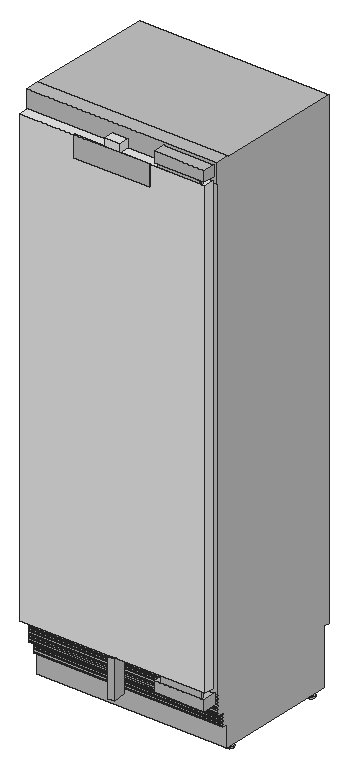
Revit family "FP_Revit_18_RS3084FRJ1_Freezer_90001073A", category Specialty Equipment, Revit 2018
Family settings
  Round Connector Dimension = Use Diameter
  Part Type = Normal
  OmniClass Number = 23.40.40.11.11
  OmniClass Title = Refrigerators and Freezers
  Work Plane-Based = No
  Always vertical = Yes
  Cut with Voids When Loaded = Yes
  Shared = No
  Room Calculation Point = No
Parameters (values of type "RS3084FRJK1")
  Visibility - Water Connection = yes
  Visibility - Visibility Control Note = yes
  Visibility - Clearance Required = yes
  URL = "www.fisherpaykel.com"
  Stainless Steel Door Panels (RD3484R4D) = no
  Product - Width = 756 mm  # constant formula
  Product - Height = 2134 mm  # constant formula
  Product - Depth (exl front panel) = 610 mm  # constant formula
  Model = "RS3084FRJK1"
  Material - Handle = Fisher & Paykel - Aluminium
  Material - Door Structure = Fisher & Paykel - White
  Material - Door Front = Fisher & Paykel - Stainless Steel
  Material - Body = Fisher & Paykel - Grey
  Manufacturer = "Fisher & Paykel Appliances"
  Handle Style - Professional Square (AHV2-RD84) = no
  Handle Style - Professional Round (AHC-RD84) = no
  Handle Style - Contemporary Square (AHD3-RD84) = no
  Handle Style - Contemporary Round (AHS-RD84) = no
  Description = "30\" Integrated Column Freezer with internal ice maker, stainless steel interior"
  Connector Description - Water = "1/4\" (6mm) comp. stainless steel braided hose"
  Connector Description - Electrical = "120 V, 10 amp fused electrical supply"
  Cavity - Width = 762 mm  # constant formula
  Cavity - Height = 2134 mm  # constant formula
  Cavity - Depth = 635 mm  # constant formula
Types (3, lengths in mm): name | Model | Description
  (no name) | "RS3084FRJK1" | "30\" Integrated Column Freezer with internal ice maker, stainless steel interior"
  RS3084FRJK1 | "RS3084FRJK1" | "30\" Integrated Column Freezer with internal ice maker, stainless steel interior"
  RS3084FRJ1 | "RS3084FRJ1" | "30\" Integrated Column Freezer  with internal ice maker, white interior"
Reference planes
  plane 1 "Datum": y = 0
  plane 2: z = 0
  plane 3 "Center (Left/Right)": x = 0
  plane 4 "Product LHS": x = -378
  plane 5 "Product RHS": x = 378
  plane 6 "Product - Depth": y = 610
  plane 7 "Cavity LHS": x = -381
  plane 8 "Cavity RHS": x = 381
  plane 9 "Cavity - Depth": y = 612.9
  plane 10 "Handle Offset": x = -315
  plane 11 "Product Height": z = 2134
  plane 12 "Cavity Height": z = 2134
  plane 13 "Door Panel Datum": y = -4.1
Forms (mm)
  Extrusion 1, solid, material "Fisher & Paykel - Grey" <- "Material - Body", detail levels fine
    sketch origin (0, 0, 0) x (0, 1, 0) y (0, 0, 1)
      loop
        line (100.1, 19.1) -> (587.9, 19.1) -> (587.9, 239.7) -> (610, 239.7) -> (610, 2131.9) -> (105.1, 2131.9) -> (105.1, 2134) -> (49.9, 2134) -> (49.9, 2059) -> (56, 2059) -> (56, 228.6) -> (59.5, 228.6) -> (59.5, 219.7) -> (56.5, 219.7) -> (56.5, 215.9) -> (59.5, 215.9) -> (59.5, 207) -> (56.5, 207) -> (56.5, 203.2) -> (59.5, 203.2) -> (59.5, 194.3) -> (56.5, 194.3) -> (56.5, 190.5) -> (59.5, 190.5) -> (59.5, 181.6) -> (56.5, 181.6) -> (56.5, 177.8) -> (59.5, 177.8) -> (59.5, 168.9) -> (56.5, 168.9) -> (56.5, 165.1) -> (59.5, 165.1) -> (59.5, 156.2) -> (56.5, 156.2) -> (56.5, 152.4) -> (84.1, 152.4) -> (84.1, 143.5) -> (81.1, 143.5) -> (81.1, 139.7) -> (84.1, 139.7) -> (84.1, 130.8) -> (81.1, 130.8) -> (81.1, 127) -> (84.1, 127) -> (84.1, 118.1) -> (81.1, 118.1) -> (81.1, 114.3) -> (84.1, 114.3) -> (84.1, 105.4) -> (81.1, 105.4) -> (81.1, 101.6) -> (100.1, 101.6) -> (100.1, 19.1)
    from -378 to 378
  Extrusion 2, solid, material "Fisher & Paykel - Grey" <- "Material - Body"
    sketch origin (0, 0, 0) x (1, 0, 0) y (0, 1, 0)
      loop
        circle (-357.5, 547.8) r 4.1
      loop
        circle (-357.5, 141.8) r 4.1
      loop
        circle (357.5, 547.8) r 4.1
      loop
        circle (357.5, 141.8) r 4.1
    from 3 to 19.1
  Extrusion 3, solid, material "Fisher & Paykel - Grey" <- "Material - Body"
    sketch origin (0, 0, 0) x (1, 0, 0) y (0, 1, 0)
      loop
        circle (-357.5, 547.8) r 14.5
      loop
        circle (-357.5, 141.8) r 14.555
      loop
        circle (357.5, 547.8) r 14.5
      loop
        circle (357.5, 141.8) r 14.555
    from 0 to 3
  Extrusion 4, solid, material "Fisher & Paykel - Grey" <- "Material - Body", detail levels fine
    sketch origin (0, 0, 0) x (1, 0, 0) y (0, 1, 0)
      loop
        line (-7.5, 49) -> (-13.797, -4.1) -> (13.797, -4.1) -> (7.5, 49) -> (-7.5, 49)
    from 104.2 to 254.2
  Extrusion 5, solid, material "Fisher & Paykel - Grey" <- "Material - Body", detail levels fine
    sketch origin (0, 0, 0) x (0, 1, 0) y (0, 0, 1)
      loop
        line (0, 2070.6) -> (0, 1988.6) -> (2, 1988.6) -> (2, 2068.6) -> (4, 2068.6) -> (4, 2070.6) -> (0, 2070.6)
    from -150 to 150
  Extrusion 6, solid, material "Fisher & Paykel - Grey" <- "Material - Body"
    sketch origin (0, 0, 0) x (1, 0, 0) y (0, 0, 1)
      loop
        circle (303, 119.813) r 5
      loop
        circle (-303, 119.813) r 5
    from -590 to -587.9
  Extrusion 7, solid, material "Fisher & Paykel - White" <- "Material - Door Structure"
    sketch origin (0, 0, 0) x (1, 0, 0) y (0, 1, 0)
      loop
        line (-353, 56) -> (-353, 42) -> (353, 42) -> (353, 56) -> (-353, 56)
    from 269.6 to 2030.7
  Extrusion 8, solid, material "Fisher & Paykel - White" <- "Material - Door Structure"
    sketch origin (0, 0, 0) x (1, 0, 0) y (0, 1, 0)
      loop
        line (-369.4, 42) -> (-369.4, 3) -> (369.4, 3) -> (369.4, 42) -> (-369.4, 42)
    from 254.2 to 2068.6
  Extrusion 9, solid, material "Fisher & Paykel - White" <- "Material - Door Structure", detail levels fine
    sketch origin (0, 0, 0) x (1, 0, 0) y (0, 0, 1)
      loop
        line (-29.5, 2100.1) -> (-29.5, 2068.6) -> (29.5, 2068.6) -> (29.5, 2100.1) -> (-29.5, 2100.1)
    from -42 to -3
  Extrusion 10, solid, material "Fisher & Paykel - Stainless Steel" <- "Material - Door Front", visible <- "Stainless Steel Door Panels (RD3484R4D)"
    sketch origin (0, 0, 0) x (0, 1, 0) y (0, 0, 1)
      loop
        line (-22.1, 2130.8) -> (-22.1, 102) -> (-4.1, 102) -> (-4.1, 2130.8) -> (-22.1, 2130.8)
    from -378 to 378
  Extrusion 11, solid, material "Fisher & Paykel - Grey" <- "Material - Body", detail levels coarse+medium
    sketch origin (0, 0, 0) x (0, 1, 0) y (0, 0, 1)
      loop
        line (49.9, 2134) -> (49.9, 2059) -> (56, 2059) -> (56, 152.4) -> (81.1, 152.4) -> (81.1, 101.6) -> (100.1, 101.6) -> (100.1, 19.1) -> (587.9, 19.1) -> (587.9, 239.7) -> (610, 239.7) -> (610, 2134) -> (49.9, 2134)
    from -378 to 378
  Extrusion 12, solid, material "Fisher & Paykel - Grey" <- "Material - Body", detail levels fine
    sketch origin (0, 0, -4) x (0, 1, 0) y (0, 0, 1)
      loop
        arc (163.888, 23.1) -> (180.4, 13.63) -> (196.912, 23.1) r 19.13
        line (196.912, 23.1) -> (163.888, 23.1)
      loop
        arc (493.888, 23.1) -> (510.4, 13.63) -> (526.912, 23.1) r 19.13
        line (526.912, 23.1) -> (493.888, 23.1)
    from 191 to 219
  Extrusion 13, solid, material "Fisher & Paykel - Grey" <- "Material - Body", detail levels fine
    sketch origin (0, 0, -4) x (0, 1, 0) y (0, 0, -1)
      loop
        line (163.888, -23.1) -> (196.912, -23.1)
        arc (196.912, -23.1) -> (180.4, -13.63) -> (163.888, -23.1) r 19.13
      loop
        line (493.888, -23.1) -> (526.912, -23.1)
        arc (526.912, -23.1) -> (510.4, -13.63) -> (493.888, -23.1) r 19.13
    from 191 to 219
  Extrusion 14, solid, material "Fisher & Paykel - Clearance Required", visible <- "Visibility - Clearance Required", detail levels coarse
    sketch origin (0, 0, 0) x (1, 0, 0) y (0, 1, 0)
      loop
        line (-381, 612.9) -> (-381, -4.1) -> (381, -4.1) -> (381, 612.9) -> (-381, 612.9)
    from 0 to 2134
  Extrusion 15, void
    sketch origin (0, 0, 0) x (1, 0, 0) y (0, 1, 0)
      loop
        line (-381, 612.9) -> (-381, -22.1) -> (381, -22.1) -> (381, 612.9) -> (-381, 612.9)
    from 0 to 2134
  Extrusion 16, solid, material "Fisher & Paykel - Grey" <- "Material - Body", detail levels fine
    sketch origin (73, 0, 0) x (1, 0, 0) y (0, 0, 1)
      loop
        line (118.4, 254.2) -> (118.4, 229.75) -> (282.9, 229.75) -> (282.9, 254.2) -> (118.4, 254.2)
      loop
        line (106, 2081.05) -> (106, 2068.6) -> (282.9, 2068.6) -> (282.9, 2076.05) -> (242.9, 2081.05) -> (106, 2081.05)
    from -7 to -4
  Extrusion 17, solid, material "Fisher & Paykel - Clearance Required", visible <- "Visibility - Clearance Required", detail levels coarse
    sketch origin (0, 0, 0) x (1, 0, 0) y (0, 1, 0)
      loop
        line (-328.5, -22.1) -> (-378, -22.1)
        arc (-378, -22.1) -> (-22.015, -691.951) -> (734.604, -746.289) r 783.517
        line (734.604, -746.289) -> (712.602, -698.95) -> (738.875, -686.699)
        arc (738.875, -686.699) -> (747.815, -662.136) -> (723.252, -653.196) r 18.483
        line (723.252, -653.196) -> (697.006, -665.395) -> (415.915, -60.616)
        arc (415.915, -60.616) -> (380.992, -57.074) -> (378, -22.1) r 27.5
        line (378, -22.1) -> (-328.5, -22.1)
    from 0 to 2134
  Extrusion 18, solid, material "Fisher & Paykel - Grey" <- "Material - Body", detail levels fine
    sketch origin (0, 0, 0) x (1, 0, 0) y (0, 0, 1)
      loop
        line (366.4, 2123.15) -> (168.42, 2123.15) -> (168.42, 2081.05) -> (366.4, 2081.05) -> (366.4, 2123.15)
    from -49 to -2.5
  Extrusion 19, solid, material "Fisher & Paykel - Grey" <- "Material - Body", detail levels fine
    sketch origin (0, 0, 0) x (1, 0, 0) y (0, 0, 1)
      loop
        line (366.4, 187.65) -> (366.4, 229.75) -> (168.42, 229.75) -> (168.42, 187.65) -> (366.4, 187.65)
    from -56 to -2.5
Lines and regions (mm)
  model lines, style "Fisher & Paykel"
    curve 1: line (-378, -4.1, 2130.8) -> (378, -4.1, 2130.8)
    curve 2: line (-378, -4.1, 102) -> (-378, -4.1, 2130.8)
    curve 3: line (378, -4.1, 102) -> (-378, -4.1, 102)
    curve 4: line (378, -4.1, 2130.8) -> (378, -4.1, 102)
Text (mm)
  text "Due to ongoing product development, product details are subject to change without notice. \nPlease always refer to www.fisherpaykel.com for the most current product information. \n© Fisher & Paykel 2020" at (41.04, -848.295, 0), in view "Ref. Level (Plan)"
Dimensions and locks
  equal spacing: plane 4 "Product LHS", plane 3 "Center (Left/Right)", plane 5 "Product RHS"
  "Product - Width": plane 4 "Product LHS" to plane 5 "Product RHS"
  "Product - Depth (exl front panel)": plane 1 "Datum" to plane 6 "Product - Depth"
  equal spacing: plane 7 "Cavity LHS", plane 3 "Center (Left/Right)", plane 8 "Cavity RHS"
  "Cavity - Width": plane 7 "Cavity LHS" to plane 8 "Cavity RHS"
  plane 4 "Product LHS" to Extrusion 2 sketch curve = 24.6 mm
  plane 4 "Product LHS" to plane 10 "Handle Offset" = 63 mm
  Extrusion 6 sketch curve to Extrusion 1 = 119.887 mm  (x2)
  Extrusion 6 sketch curve to plane 5 "Product RHS" = 75 mm
  plane 4 "Product LHS" to Extrusion 6 sketch curve = 75 mm
  Extrusion 1 sketch curve to Extrusion 1 sketch curve = 82.5 mm
  Extrusion 1 sketch curve to Extrusion 1 sketch curve = 209.5 mm
  Extrusion 1 sketch curve to Extrusion 1 sketch curve = 220.6 mm
  Extrusion 3 to level = 3 mm
  Extrusion 11 to Extrusion 8 = 235.1 mm
  Extrusion 11 to Extrusion 7 = 250.5 mm
  Extrusion 11 to Extrusion 11 = 2114.9 mm
  Extrusion 11 to Extrusion 10 = 82.9 mm
  "Product - Height": level to plane 11 "Product Height"
  plane 11 "Product Height" to Extrusion 10 = 3.2 mm
  Extrusion 8 to plane 11 "Product Height" = 65.4 mm
  Extrusion 7 to plane 11 "Product Height" = 103.3 mm
  Extrusion 11 sketch curve to plane 11 "Product Height" = 75 mm
  Extrusion 1 sketch curve to plane 11 "Product Height" = 2.1 mm
  Extrusion 1 sketch curve to plane 11 "Product Height" = 75 mm
  "Cavity - Height": plane 12 "Cavity Height" to level
  plane 1 "Datum" to Extrusion 14 = 612.9 mm
  plane 1 "Datum" to Extrusion 15 = 612.9 mm
  Extrusion 16 sketch curve to Extrusion 16 sketch curve = 40 mm
  Extrusion 16 sketch curve to plane 3 "Center (Left/Right)" = 179 mm
  Extrusion 16 sketch curve to Extrusion 16 sketch curve = 176.9 mm
  Extrusion 16 sketch curve to plane 3 "Center (Left/Right)" = 191.4 mm
  plane 3 "Center (Left/Right)" to Extrusion 16 sketch curve = 355.9 mm
  Extrusion 17 to plane 1 "Datum" = 22.1 mm
  "Cavity - Depth": plane 9 "Cavity - Depth" to Extrusion 17
  radius of Extrusion 6 sketch curve = 5 mm
  aligned and locked: level to plane 2
  aligned and locked: Extrusion 10 to plane 5 "Product RHS"
  aligned and locked: plane 4 "Product LHS" to Extrusion 10
  aligned and locked: Extrusion 11 to plane 5 "Product RHS"
  aligned and locked: Extrusion 11 to plane 4 "Product LHS"
  aligned and locked: Extrusion 11 sketch curve to plane 11 "Product Height"
  aligned and locked: plane 11 "Product Height" to Extrusion 1 sketch curve
  aligned and locked: Extrusion 12 sketch curve to Extrusion 12 sketch curve
  aligned and locked: Extrusion 13 sketch curve to Extrusion 13 sketch curve
  aligned and locked: Extrusion 1 to plane 5 "Product RHS"
  aligned and locked: plane 4 "Product LHS" to Extrusion 1
  aligned and locked: Extrusion 11 sketch curve to Extrusion 1  (x4)
  aligned and locked: Extrusion 2 to Extrusion 1
  aligned and locked: nested 2 to plane 10 "Handle Offset"
  aligned and locked: nested 3 to plane 10 "Handle Offset"
  aligned and locked: nested 4 to plane 10 "Handle Offset"
  aligned and locked: nested 5 to plane 10 "Handle Offset"
Automatic sketch dimensions
  Extrusion 1 sketch curve to plane 6 "Product - Depth" = 0 mm
  Extrusion 1 sketch curve to Extrusion 1 sketch curve = 22.1 mm
  Extrusion 1 sketch curve to plane 1 "Datum" = 105.1 mm
  level to Extrusion 1 sketch curve = 19.1 mm
  Extrusion 1 sketch curve to plane 1 "Datum" = 100.1 mm
  Extrusion 1 sketch curve to Extrusion 1 sketch curve = 16 mm
  Extrusion 1 sketch curve to Extrusion 1 sketch curve = 0 mm  (x8)
  Extrusion 1 sketch curve to Extrusion 1 sketch curve = 3 mm  (x10)
  Extrusion 1 sketch curve to plane 1 "Datum" = 59.5 mm
  Extrusion 1 sketch curve to plane 1 "Datum" = 56 mm
  Extrusion 1 sketch curve to plane 1 "Datum" = 49.9 mm
  Extrusion 1 sketch curve to Extrusion 1 sketch curve = 3.8 mm  (x10)
  Extrusion 1 sketch curve to Extrusion 1 sketch curve = 8.9 mm  (x9)
  Extrusion 2 sketch curve to plane 4 "Product LHS" = 20.5 mm  (x2)
  plane 5 "Product RHS" to Extrusion 2 sketch curve = 20.5 mm  (x2)
  Extrusion 2 sketch curve to plane 1 "Datum" = 141.8 mm  (x2)
  Extrusion 2 sketch curve to plane 6 "Product - Depth" = 62.2 mm  (x2)
  Extrusion 3 sketch curve to plane 4 "Product LHS" = 20.5 mm  (x2)
  plane 5 "Product RHS" to Extrusion 3 sketch curve = 20.5 mm  (x2)
  Extrusion 3 sketch curve to plane 1 "Datum" = 141.8 mm  (x2)
  Extrusion 3 sketch curve to plane 6 "Product - Depth" = 62.2 mm  (x2)
  plane 1 "Datum" to Extrusion 4 sketch curve = 4.1 mm
  Extrusion 4 sketch curve to plane 3 "Center (Left/Right)" = 13.797 mm
  Extrusion 4 sketch curve to plane 3 "Center (Left/Right)" = 7.5 mm
  plane 3 "Center (Left/Right)" to Extrusion 4 sketch curve = 7.5 mm
  plane 3 "Center (Left/Right)" to Extrusion 4 sketch curve = 13.797 mm
  Extrusion 4 sketch curve to plane 1 "Datum" = 49 mm
  Extrusion 5 sketch curve to plane 1 "Datum" = 0 mm
  Extrusion 5 sketch curve to plane 1 "Datum" = 2 mm
  Extrusion 5 sketch curve to Extrusion 5 sketch curve = 2 mm  (x2)
  plane 11 "Product Height" to Extrusion 5 sketch curve = 145.4 mm
  plane 11 "Product Height" to Extrusion 5 sketch curve = 65.4 mm
  Extrusion 7 sketch curve to plane 4 "Product LHS" = 25 mm
  plane 5 "Product RHS" to Extrusion 7 sketch curve = 25 mm
  Extrusion 7 sketch curve to plane 1 "Datum" = 42 mm
  Extrusion 7 sketch curve to Extrusion 7 sketch curve = 14 mm
  Extrusion 8 sketch curve to plane 1 "Datum" = 3 mm
  Extrusion 8 sketch curve to plane 4 "Product LHS" = 8.6 mm
  plane 5 "Product RHS" to Extrusion 8 sketch curve = 8.6 mm
  Extrusion 8 sketch curve to Extrusion 8 sketch curve = 39 mm
  Extrusion 9 sketch curve to plane 3 "Center (Left/Right)" = 29.5 mm
  plane 3 "Center (Left/Right)" to Extrusion 9 sketch curve = 29.5 mm
  plane 11 "Product Height" to Extrusion 9 sketch curve = 65.4 mm
  Extrusion 9 sketch curve to Extrusion 9 sketch curve = 31.5 mm
  plane 1 "Datum" to Extrusion 10 sketch curve = 22.1 mm
  plane 1 "Datum" to Extrusion 10 sketch curve = 4.1 mm
  level to Extrusion 10 sketch curve = 102 mm
  plane 11 "Product Height" to Extrusion 10 sketch curve = 3.2 mm
  Extrusion 11 sketch curve to plane 6 "Product - Depth" = 0 mm
  Extrusion 11 sketch curve to plane 6 "Product - Depth" = 22.1 mm
  Extrusion 11 sketch curve to plane 1 "Datum" = 100.1 mm
  Extrusion 11 sketch curve to Extrusion 11 sketch curve = 19 mm
  Extrusion 11 sketch curve to plane 1 "Datum" = 56 mm
  Extrusion 11 sketch curve to plane 1 "Datum" = 49.9 mm
  Extrusion 11 sketch curve to Extrusion 11 sketch curve = 50.8 mm
  level to Extrusion 12 sketch curve = 19.1 mm
  Extrusion 12 sketch curve to plane 1 "Datum" = 163.888 mm
  Extrusion 12 sketch curve to Extrusion 12 sketch curve = 16.512 mm  (x2)
  Extrusion 12 sketch curve to plane 6 "Product - Depth" = 116.112 mm
  Extrusion 12 sketch curve to Extrusion 12 sketch curve = 9.66 mm  (x2)
  level to Extrusion 13 sketch curve = 19.1 mm
  Extrusion 13 sketch curve to plane 1 "Datum" = 163.888 mm
  Extrusion 13 sketch curve to Extrusion 13 sketch curve = 16.512 mm  (x2)
  Extrusion 13 sketch curve to plane 6 "Product - Depth" = 116.112 mm
  Extrusion 13 sketch curve to Extrusion 13 sketch curve = 9.66 mm  (x2)
  Extrusion 14 sketch curve to plane 7 "Cavity LHS" = 0 mm
  Extrusion 14 sketch curve to plane 8 "Cavity RHS" = 0 mm
  Extrusion 14 sketch curve to plane 9 "Cavity - Depth" = 0 mm
  plane 1 "Datum" to Extrusion 14 sketch curve = 4.1 mm
  Extrusion 15 sketch curve to plane 7 "Cavity LHS" = 0 mm
  Extrusion 15 sketch curve to plane 8 "Cavity RHS" = 0 mm
  Extrusion 15 sketch curve to plane 9 "Cavity - Depth" = 0 mm
  plane 1 "Datum" to Extrusion 15 sketch curve = 22.1 mm
  level to Extrusion 16 sketch curve = 229.75 mm
  Extrusion 16 sketch curve to Extrusion 16 sketch curve = 24.45 mm
  plane 11 "Product Height" to Extrusion 16 sketch curve = 65.4 mm
  Extrusion 16 sketch curve to Extrusion 16 sketch curve = 7.45 mm
  Extrusion 16 sketch curve to Extrusion 16 sketch curve = 5 mm
  Extrusion 17 sketch curve to plane 4 "Product LHS" = 0 mm
  plane 10 "Handle Offset" to Extrusion 17 sketch curve = 13.5 mm
  plane 5 "Product RHS" to Extrusion 17 sketch curve = 0 mm
  Extrusion 17 sketch curve to plane 8 "Cavity RHS" = 19.59 mm
  Extrusion 17 sketch curve to Extrusion 17 sketch curve = 4.816 mm
  Extrusion 17 sketch curve to Extrusion 17 sketch curve = 10.509 mm
  Extrusion 17 sketch curve to plane 8 "Cavity RHS" = 316.006 mm
  Extrusion 17 sketch curve to Extrusion 17 sketch curve = 15.596 mm
  Extrusion 17 sketch curve to Extrusion 17 sketch curve = 26.246 mm
  Extrusion 17 sketch curve to Extrusion 17 sketch curve = 7.811 mm  (x2)
  Extrusion 17 sketch curve to Extrusion 17 sketch curve = 22.003 mm
  plane 1 "Datum" to Extrusion 17 sketch curve = 746.289 mm
  Extrusion 17 sketch curve to Extrusion 17 sketch curve = 47.339 mm
  Extrusion 17 sketch curve to Extrusion 17 sketch curve = 12.251 mm
  Extrusion 17 sketch curve to Extrusion 17 sketch curve = 16.751 mm
  Extrusion 17 sketch curve to Extrusion 17 sketch curve = 12.199 mm
  Extrusion 17 sketch curve to Extrusion 17 sketch curve = 22.833 mm
  plane 11 "Product Height" to Extrusion 18 sketch curve = 10.85 mm
  plane 3 "Center (Left/Right)" to Extrusion 18 sketch curve = 168.42 mm
  plane 5 "Product RHS" to Extrusion 18 sketch curve = 11.6 mm
  Extrusion 18 sketch curve to Extrusion 18 sketch curve = 42.1 mm
  plane 3 "Center (Left/Right)" to Extrusion 19 sketch curve = 168.42 mm
  plane 5 "Product RHS" to Extrusion 19 sketch curve = 11.6 mm
  level to Extrusion 19 sketch curve = 187.65 mm
  Extrusion 19 sketch curve to Extrusion 19 sketch curve = 42.1 mm
  plane 5 "Product RHS" to curve 1 = 0 mm
  plane 4 "Product LHS" to curve 3 = 0 mm
  level to curve 3 = 102 mm
  plane 11 "Product Height" to curve 2 = 3.2 mm
  radius of Extrusion 2 sketch curve = 4.1 mm  (x3)
  radius of Extrusion 3 sketch curve = 14.5 mm  (x2)
  radius of Extrusion 3 sketch curve = 14.555 mm  (x2)
  radius of Extrusion 6 sketch curve = 5 mm
Nested families
  nested 1: "Visibility Control Note 18" at (0, 0, 0), visible <- "Visibility - Visibility Control Note", type "Visibility Control Note 18"
  nested 2: "Handle Contemporary Round - Vertical" at (-315, -22.1, 1242.58), visible <- "Handle Style - Contemporary Round (AHS-RD84)", type "AHS-RD84 - Contemporary round handle (Vertical) 852mm"
  nested 3: "Handle Contemporary Square - Vertical" at (-315, -22.1, 1242.58), visible <- "Handle Style - Contemporary Square (AHD3-RD84)", type "AHD3-RD84 - Contemporary square handle (Vertical) 852mm"
  nested 4: "Handle Professional Round - Vertical" at (-315, -22.1, 1242.58), visible <- "Handle Style - Professional Round (AHC-RD84)", type "AHC-RD84 - Professional round handle (Vertical) 786mm"
  nested 5: "Handle Professional Square - Vertical" at (-315, -22.1, 1242.58), visible <- "Handle Style - Professional Square (AHV2-RD84)", type "AHV2-RD84 - Professional square handle (Vertical) 792mm"
Connectors
  electrical at (-303, 590, 119.813), driven by "Connector Description - Electrical"
    settings: on Extrusion 6, index 1, voltage 120 V, apparent load 0 VA, apparent load phase1 0 VA, apparent load phase2 0 VA, apparent load phase3 0 VA, power factor 1, load classification "Other", number of poles 1, system type 30, power factor state 1, is connector primary yes, connector utility no, sub classification motor no, connector description "120 V, 10 amp fused electrical supply"
  piping at (303, 590, 119.813), diameter 12.7, driven by "Visibility - Water Connection", driven by "Connector Description - Water"
    settings: on Extrusion 6, index 2, connector inside diameter 609.6 mm, connector length 0 mm, flow factor 0, pipe flow 0.0 L/s, pressure drop 0.0 Pa, fitting loss kfactor 0, connector angle 0.00°, fixture units 0, engagement length 0 mm, angle of deflection 0.00°, flow configuration 0, flow direction 1, fitting loss method 0, system type 20, joint type 0, gender type 0, connector reference index -1, connector utility 1, adjustable connector no, is connector primary yes, connector description "1/4\" (6mm) comp. stainless steel braided hose"
Definition of nested family "Handle Contemporary Round - Vertical"
  Parameters (values of type "AHSRS80A - Contemporary round handle (1 of 2) (Vertical) 727mm")
    URL = "www.fisherpaykel.com"
    Material - Handle = none
    Manufacturer = "Fisher & Paykel Appliances"
    Handle - Length = 727 mm
  Types (6, lengths in mm): name | Handle - Length
    AHS-RD21 - Contemporary round handle (Vertical) 852mm | 852
    AHSRD2484W - Contemporary round handle (1 of 2) (Vertical) 727mm | 727
    AHSRD3084W - Contemporary round handle (1 of 2) (Vertical) 727mm | 727
    AHS-RD84 - Contemporary round handle (Vertical) 852mm | 852
    AHSRS3272A - Contemporary round handle (1 of 2) (Vertical) 727mm | 727
    AHSRS80A - Contemporary round handle (1 of 2) (Vertical) 727mm | 727
  Reference planes
    plane 1 "Center (Front/Back)": y = 0
    plane 2: z = 0
    plane 3 "Center (Left/Right)": x = 0
    plane 4 "Top": z = 363.5
    plane 5 "Bottom": z = -363.5
    plane 6 "Top Standoff": z = 243.5
    plane 7 "Bottom Standoff": z = -243.5
  Forms (mm)
    Extrusion 1, solid, material <- "Material - Handle"
      sketch origin (0, 0, 0) x (1, 0, 0) y (0, 1, 0)
        loop
          circle (0, -32.3) r 8.7
      from -243.5 to 243.5
    Extrusion 2, solid, material <- "Material - Handle", detail levels fine
      sketch origin (0, 0, 0) x (1, 0, 0) y (0, 1, 0)
        loop
          line (-8.7, 0) -> (-8.7, -32.3)
          arc (-8.7, -32.3) -> (0, -41) -> (8.7, -32.3) r 8.7
          line (8.7, -32.3) -> (8.7, 0) -> (-8.7, 0)
      from 243.5 to 363.5
    Extrusion 3, solid, material <- "Material - Handle", detail levels fine
      sketch origin (0, 0, 0) x (1, 0, 0) y (0, 1, 0)
        loop
          line (-8.7, 0) -> (-8.7, -32.3)
          arc (-8.7, -32.3) -> (0, -41) -> (8.7, -32.3) r 8.7
          line (8.7, -32.3) -> (8.7, 0) -> (-8.7, 0)
      from -363.5 to -243.5
    Sweep 4, void
      path in 3D
        loop
          line (8.7, 0, -363.5) -> (8.7, -32.3, -363.5)
          arc (8.7, -32.3, -363.5) -> (0, -41, -363.5) -> (-8.7, -32.3, -363.5) r 8.7
          line (-8.7, -32.3, -363.5) -> (-8.7, 0, -363.5)
      profile origin (8.7, -16.15, -363.5) x (-1, 0, 0) y (0, 0, -1)
        loop
          line (0, 0) -> (0, -1) -> (1, 0) -> (0, 0)
    Sweep 5, void
      path in 3D
        loop
          line (-8.7, 0, 363.5) -> (-8.7, -32.3, 363.5)
          arc (-8.7, -32.3, 363.5) -> (0, -41, 363.5) -> (8.7, -32.3, 363.5) r 8.7
          line (8.7, -32.3, 363.5) -> (8.7, 0, 363.5)
      profile origin (8.7, -16.15, 363.5) x (-1, 0, 0) y (0, 0, 1)
        loop
          line (0, 0) -> (0, -1) -> (1, 0) -> (0, 0)
    Extrusion 6, solid, material <- "Material - Handle", detail levels coarse+medium
      sketch origin (0, 0, 0) x (1, 0, 0) y (0, 1, 0)
        loop
          line (-8.7, 0) -> (-8.7, -32.3)
          arc (-8.7, -32.3) -> (0, -41) -> (8.7, -32.3) r 8.7
          line (8.7, -32.3) -> (8.7, 0) -> (-8.7, 0)
      from 243.5 to 363.5
    Extrusion 7, solid, material <- "Material - Handle", detail levels coarse+medium
      sketch origin (0, 0, 0) x (1, 0, 0) y (0, 1, 0)
        loop
          line (-8.7, 0) -> (-8.7, -32.3)
          arc (-8.7, -32.3) -> (0, -41) -> (8.7, -32.3) r 8.7
          line (8.7, -32.3) -> (8.7, 0) -> (-8.7, 0)
      from -363.5 to -243.5
  Cuts and joins
    Sweep 4 cuts Extrusion 3
    Sweep 5 cuts Extrusion 2
  Lines and regions (mm)
    sketch lines
      curve 1: line (8.7, 0, -363.5) -> (8.7, -32.3, -363.5)
      curve 2: arc (-8.7, -32.3, -363.5) -> (0, -41, -363.5) -> (8.7, -32.3, -363.5) r 8.7
      curve 3: line (-8.7, -32.3, -363.5) -> (-8.7, 0, -363.5)
      curve 4: line (8.7, -32.3, 363.5) -> (8.7, 0, 363.5)
      curve 5: arc (8.7, -32.3, 363.5) -> (0, -41, 363.5) -> (-8.7, -32.3, 363.5) r 8.7
      curve 6: line (-8.7, 0, 363.5) -> (-8.7, -32.3, 363.5)
  Dimensions and locks
    equal spacing: plane 4 "Top", level, plane 5 "Bottom"
    "Handle - Length": plane 4 "Top" to plane 5 "Bottom"
    locked: plane 4 "Top" to plane 6 "Top Standoff" at 120
    locked: plane 7 "Bottom Standoff" to plane 5 "Bottom" at 120
    Extrusion 2 sketch curve to Extrusion 2 sketch curve = 17.4 mm
    Extrusion 3 sketch curve to Extrusion 3 sketch curve = 17.4 mm
    Extrusion 6 sketch curve to Extrusion 6 sketch curve = 17.4 mm
    Extrusion 7 sketch curve to Extrusion 7 sketch curve = 17.4 mm
    aligned and locked: level to plane 2
    aligned and locked: plane 4 "Top" to Extrusion 2
    aligned and locked: Extrusion 3 to plane 5 "Bottom"
    aligned and locked: plane 7 "Bottom Standoff" to Extrusion 3
    aligned and locked: Extrusion 1 to plane 7 "Bottom Standoff"
    aligned and locked: plane 6 "Top Standoff" to Extrusion 1
    aligned and locked: Extrusion 2 to Extrusion 1
    aligned and locked: Extrusion 6 to Extrusion 1
    aligned and locked: plane 4 "Top" to Extrusion 6
    aligned and locked: Extrusion 7 to Extrusion 1
    aligned and locked: Extrusion 7 to plane 5 "Bottom"
  Automatic sketch dimensions
    Extrusion 1 sketch curve to plane 3 "Center (Left/Right)" = 0 mm
    plane 1 "Center (Front/Back)" to Extrusion 1 sketch curve = 32.3 mm
    plane 1 "Center (Front/Back)" to Extrusion 2 sketch curve = 0 mm
    Extrusion 2 sketch curve to plane 3 "Center (Left/Right)" = 0 mm
    Extrusion 2 sketch curve to plane 3 "Center (Left/Right)" = 8.7 mm
    plane 1 "Center (Front/Back)" to Extrusion 2 sketch curve = 32.3 mm
    plane 1 "Center (Front/Back)" to Extrusion 3 sketch curve = 0 mm
    Extrusion 3 sketch curve to plane 3 "Center (Left/Right)" = 0 mm
    Extrusion 3 sketch curve to plane 3 "Center (Left/Right)" = 8.7 mm
    plane 1 "Center (Front/Back)" to Extrusion 3 sketch curve = 32.3 mm
    Sweep 4 sketch curve to profile plane = 0 mm  (x2)
    Sweep 4 sketch curve to profile plane = 1 mm  (x2)
    Sweep 5 sketch curve to profile plane = 0 mm  (x2)
    Sweep 5 sketch curve to profile plane = 1 mm  (x2)
    Extrusion 6 sketch curve to plane 3 "Center (Left/Right)" = 0 mm
    Extrusion 6 sketch curve to plane 3 "Center (Left/Right)" = 8.7 mm
    plane 1 "Center (Front/Back)" to Extrusion 6 sketch curve = 32.3 mm
    Extrusion 6 sketch curve to Extrusion 6 sketch curve = 32.3 mm
    Extrusion 7 sketch curve to plane 3 "Center (Left/Right)" = 0 mm
    Extrusion 7 sketch curve to plane 3 "Center (Left/Right)" = 8.7 mm
    plane 1 "Center (Front/Back)" to Extrusion 7 sketch curve = 32.3 mm
    Extrusion 7 sketch curve to Extrusion 7 sketch curve = 32.3 mm
    radius of Extrusion 1 sketch curve = 8.7 mm
Definition of nested family "Handle Contemporary Square - Vertical"
  Parameters (values of type "AHD3RS80A - Contemporary square handle (1 of 2) (Vertical) 727mm")
    URL = "www.fisherpaykel.com"
    Material - Handle = none
    Manufacturer = "Fisher & Paykel Appliances"
    Handle - Length = 727 mm
  Types (7, lengths in mm): name | Handle - Length
    (no name) | 727
    AHD3-RD21 - Contemporary square handle (Vertical) 852mm | 852
    AHD3RD2484W - Contemporary square handle (1 of 2) (Vertical) 727mm | 727
    AHD3RD3084W - Contemporary square handle (1 of 2) (Vertical) 727mm | 727
    AHD3-RD84 - Contemporary square handle (Vertical) 852mm | 852
    AHD3RS3272A - Contemporary square handle (1 of 2) (Vertical) 727mm | 727
    AHD3RS80A - Contemporary square handle (1 of 2) (Vertical) 727mm | 727
  Reference planes
    plane 1 "Center (Front/Back)": y = 0
    plane 2: z = 0
    plane 3 "Center (Left/Right)": x = 0
    plane 4 "Top": z = 363.5
    plane 5 "Bottom": z = -363.5
    plane 6 "Top Standoff": z = 243.5
    plane 7 "Bottom Standoff": z = -243.5
  Forms (mm)
    Extrusion 1, solid, material <- "Material - Handle", detail levels fine
      sketch origin (0, 0, 0) x (1, 0, 0) y (0, 1, 0)
        loop
          arc (-7.583, -28.701) -> (-7.89, -29.057) -> (-8, -29.514) r 1
          line (-8, -29.514) -> (-8, -40.5)
          arc (-8, -40.5) -> (-7.561, -41.561) -> (-6.5, -42) r 1.5
          line (-6.5, -42) -> (6.5, -42)
          arc (6.5, -42) -> (7.561, -41.561) -> (8, -40.5) r 1.5
          line (8, -40.5) -> (8, -29.487)
          arc (8, -29.487) -> (7.889, -29.029) -> (7.58, -28.673) r 1
          arc (7.58, -28.673) -> (-0.006, -26.256) -> (-7.583, -28.701) r 13.038
      from -363.5 to 363.5
    Extrusion 2, solid, material <- "Material - Handle", detail levels fine
      sketch origin (0, 0, 0) x (1, 0, 0) y (0, 1, 0)
        loop
          arc (7.058, -28.23) -> (7.466, -28.244) -> (7.674, -27.893) r 0.4
          line (7.674, -27.893) -> (7.674, 0) -> (-7.674, 0) -> (-7.674, -27.86)
          arc (-7.674, -27.86) -> (-7.467, -28.21) -> (-7.06, -28.198) r 0.4
          arc (-7.06, -28.198) -> (0.004, -26.156) -> (7.058, -28.23) r 13.136
      from 243.5 to 363.5
    Extrusion 3, solid, material <- "Material - Handle", detail levels fine
      sketch origin (0, 0, 0) x (1, 0, 0) y (0, 1, 0)
        loop
          arc (7.058, -28.23) -> (7.466, -28.244) -> (7.674, -27.893) r 0.4
          line (7.674, -27.893) -> (7.674, 0) -> (-7.674, 0) -> (-7.674, -27.86)
          arc (-7.674, -27.86) -> (-7.467, -28.21) -> (-7.06, -28.198) r 0.4
          arc (-7.06, -28.198) -> (0.004, -26.156) -> (7.058, -28.23) r 13.136
      from -363.5 to -243.5
    Sweep 4, void
      path in 3D
        loop
          line (-8, -29.514, 363.5) -> (-8, -40.5, 363.5)
          arc (-8, -40.5, 363.5) -> (-7.561, -41.561, 363.5) -> (-6.5, -42, 363.5) r 1.5
          line (-6.5, -42, 363.5) -> (6.5, -42, 363.5)
          arc (6.5, -42, 363.5) -> (7.561, -41.561, 363.5) -> (8, -40.5, 363.5) r 1.5
          line (8, -40.5, 363.5) -> (8, -29.487, 363.5)
      profile origin (8, -34.994, 363.5) x (-1, 0, 0) y (0, 0, 1)
        loop
          line (0, 0) -> (0, -1.3) -> (1.3, 0) -> (0, 0)
    Sweep 5, void
      path in 3D
        loop
          line (8, -29.487, -363.5) -> (8, -40.5, -363.5)
          arc (8, -40.5, -363.5) -> (7.561, -41.561, -363.5) -> (6.5, -42, -363.5) r 1.5
          line (6.5, -42, -363.5) -> (-6.5, -42, -363.5)
          arc (-6.5, -42, -363.5) -> (-7.561, -41.561, -363.5) -> (-8, -40.5, -363.5) r 1.5
          line (-8, -40.5, -363.5) -> (-8, -29.514, -363.5)
      profile origin (8, -34.994, -363.5) x (-1, 0, 0) y (0, 0, -1)
        loop
          line (0, 0) -> (0, -1.3) -> (1.3, 0) -> (0, 0)
    Extrusion 6, void
      sketch origin (0, 0, 0) x (1, 0, 0) y (0, 0, 1)
        loop
          line (-8, -362.2) -> (-8, -363.5) -> (-6.7, -363.5) -> (-8, -362.2)
        loop
          line (8, -362.2) -> (6.7, -363.5) -> (8, -363.5) -> (8, -362.2)
      from 0 to 40
    Extrusion 7, void
      sketch origin (0, 0, 0) x (1, 0, 0) y (0, 0, 1)
        loop
          line (-8, 363.5) -> (-8, 362.2) -> (-6.7, 363.5) -> (-8, 363.5)
        loop
          line (8, 363.5) -> (6.7, 363.5) -> (8, 362.2) -> (8, 363.5)
      from 0 to 40
    Extrusion 8, solid, material <- "Material - Handle", detail levels coarse+medium
      sketch origin (0, 0, 0) x (0, 1, 0) y (0, 0, 1)
        loop
          line (0, 363.5) -> (-42, 363.5) -> (-42, -363.5) -> (0, -363.5) -> (0, -243.5) -> (-26.245, -243.5) -> (-26.245, 243.5) -> (0, 243.5) -> (0, 363.5)
      from -8 to 8
  Cuts and joins
    Sweep 4, Sweep 5, Extrusion 6, Extrusion 7 cuts Extrusion 1
    Extrusion 6 cuts Extrusion 3
    Extrusion 7 cuts Extrusion 2
  Lines and regions (mm)
    sketch lines
      curve 1: line (8, -40.5, 363.5) -> (8, -29.487, 363.5)
      curve 2: arc (8, -40.5, 363.5) -> (7.561, -41.561, 363.5) -> (6.5, -42, 363.5) r 1.5
      curve 3: line (-6.5, -42, 363.5) -> (6.5, -42, 363.5)
      curve 4: arc (-6.5, -42, 363.5) -> (-7.561, -41.561, 363.5) -> (-8, -40.5, 363.5) r 1.5
      curve 5: line (-8, -29.514, 363.5) -> (-8, -40.5, 363.5)
      curve 6: line (8, -29.487, -363.5) -> (8, -40.5, -363.5)
      curve 7: arc (6.5, -42, -363.5) -> (7.561, -41.561, -363.5) -> (8, -40.5, -363.5) r 1.5
      curve 8: line (6.5, -42, -363.5) -> (-6.5, -42, -363.5)
      curve 9: arc (-8, -40.5, -363.5) -> (-7.561, -41.561, -363.5) -> (-6.5, -42, -363.5) r 1.5
      curve 10: line (-8, -40.5, -363.5) -> (-8, -29.514, -363.5)
  Dimensions and locks
    equal spacing: plane 4 "Top", level, plane 5 "Bottom"
    "Handle - Length": plane 4 "Top" to plane 5 "Bottom"
    locked: plane 4 "Top" to plane 6 "Top Standoff" at 120
    locked: plane 7 "Bottom Standoff" to plane 5 "Bottom" at 120
    aligned and locked: level to plane 2
    aligned and locked: plane 4 "Top" to Extrusion 2
    aligned and locked: Extrusion 2 to plane 6 "Top Standoff"
    aligned and locked: plane 4 "Top" to Extrusion 1
    aligned and locked: Extrusion 1 to plane 5 "Bottom"
    aligned and locked: Extrusion 3 to plane 5 "Bottom"
    aligned and locked: plane 7 "Bottom Standoff" to Extrusion 3
    aligned and locked: plane 4 "Top" to Extrusion 8 sketch curve
    aligned and locked: plane 6 "Top Standoff" to Extrusion 8 sketch curve
    aligned and locked: plane 7 "Bottom Standoff" to Extrusion 8 sketch curve
    aligned and locked: plane 5 "Bottom" to Extrusion 8 sketch curve
    aligned and locked: plane 1 "Center (Front/Back)" to Extrusion 8 sketch curve  (x2)
  Automatic sketch dimensions
    Extrusion 1 sketch curve to plane 3 "Center (Left/Right)" = 8 mm
    Extrusion 1 sketch curve to Extrusion 1 sketch curve = 1 mm  (x2)
    Extrusion 1 sketch curve to Extrusion 1 sketch curve = 1.5 mm
    plane 3 "Center (Left/Right)" to Extrusion 1 sketch curve = 0.018 mm
    plane 3 "Center (Left/Right)" to Extrusion 1 sketch curve = 6.5 mm
    plane 3 "Center (Left/Right)" to Extrusion 1 sketch curve = 7 mm
    plane 1 "Center (Front/Back)" to Extrusion 1 sketch curve = 42 mm
    Extrusion 1 sketch curve to Extrusion 1 sketch curve = 1.206 mm
    Extrusion 1 sketch curve to Extrusion 1 sketch curve = 10.986 mm
    Extrusion 1 sketch curve to Extrusion 1 sketch curve = 11.013 mm
    Extrusion 1 sketch curve to Extrusion 1 sketch curve = 0 mm
    plane 1 "Center (Front/Back)" to Extrusion 2 sketch curve = 0 mm
    Extrusion 2 sketch curve to plane 3 "Center (Left/Right)" = 7.674 mm
    Extrusion 2 sketch curve to Extrusion 2 sketch curve = 0.4 mm  (x2)
    Extrusion 2 sketch curve to plane 3 "Center (Left/Right)" = 0.026 mm
    plane 3 "Center (Left/Right)" to Extrusion 2 sketch curve = 7.274 mm
    plane 1 "Center (Front/Back)" to Extrusion 2 sketch curve = 27.86 mm
    Extrusion 2 sketch curve to Extrusion 2 sketch curve = 0.033 mm
    Extrusion 2 sketch curve to Extrusion 2 sketch curve = 11.398 mm
    Extrusion 2 sketch curve to Extrusion 2 sketch curve = 0 mm
    plane 1 "Center (Front/Back)" to Extrusion 3 sketch curve = 0 mm
    Extrusion 3 sketch curve to Extrusion 3 sketch curve = 0.4 mm  (x2)
    Extrusion 3 sketch curve to Extrusion 3 sketch curve = 7.248 mm
    Extrusion 3 sketch curve to Extrusion 3 sketch curve = 7.3 mm
    plane 1 "Center (Front/Back)" to Extrusion 3 sketch curve = 27.86 mm
    Extrusion 3 sketch curve to Extrusion 3 sketch curve = 0.033 mm
    Extrusion 3 sketch curve to Extrusion 3 sketch curve = 11.398 mm
    Extrusion 3 sketch curve to Extrusion 3 sketch curve = 0 mm
    Sweep 4 sketch curve to profile plane = 0 mm  (x2)
    Sweep 4 sketch curve to profile plane = 1.3 mm  (x2)
    Sweep 5 sketch curve to profile plane = 0 mm  (x2)
    Sweep 5 sketch curve to profile plane = 1.3 mm  (x2)
    Extrusion 6 sketch curve to plane 5 "Bottom" = 0 mm  (x2)
    plane 5 "Bottom" to Extrusion 6 sketch curve = 1.3 mm  (x2)
    Extrusion 6 sketch curve to plane 3 "Center (Left/Right)" = 8 mm
    Extrusion 6 sketch curve to Extrusion 6 sketch curve = 1.3 mm  (x2)
    plane 3 "Center (Left/Right)" to Extrusion 6 sketch curve = 8 mm
    Extrusion 7 sketch curve to plane 4 "Top" = 0 mm  (x2)
    Extrusion 7 sketch curve to plane 3 "Center (Left/Right)" = 8 mm
    Extrusion 7 sketch curve to Extrusion 7 sketch curve = 1.3 mm  (x2)
    plane 3 "Center (Left/Right)" to Extrusion 7 sketch curve = 8 mm
    Extrusion 7 sketch curve to plane 4 "Top" = 1.3 mm  (x2)
    plane 1 "Center (Front/Back)" to Extrusion 8 sketch curve = 26.245 mm
    plane 1 "Center (Front/Back)" to Extrusion 8 sketch curve = 42 mm
    Extrusion 3 sketch curve to plane 3 "Center (Left/Right)" = 7.674 mm
Definition of nested family "Handle Professional Round - Vertical"
  Parameters (values of type "AHCRD2484W - Professional round handle (1 of 2) (Vertical) 661mm")
    URL = "www.fisherpaykel.com"
    Material - Standoff = none
    Material - Handle = none
    Manufacturer = "Fisher & Paykel Appliances"
    Handle - Length = 661 mm
  Types (5, lengths in mm): name | Handle - Length
    (no name) | 661
    AHCRD2484W - Professional round handle (1 of 2) (Vertical) 661mm | 661
    AHCRD3084W - Professional round handle (1 of 2) (Vertical) 661mm | 661
    AHC-RD84 - Professional round handle (Vertical) 786mm | 786
    AHCRS3272A - Professional round handle (1 of 2) (Vertical) 661mm | 661
  Reference planes
    plane 1 "Center (Front/Back)": y = 0
    plane 2: z = 0
    plane 3 "Center (Left/Right)": x = 0
    plane 4 "Top": z = 330.5
    plane 5 "Bottom": z = -330.5
    plane 6 "Top Standoff": z = 286.5
    plane 7 "Bottom Standoff": z = -286.5
  Forms (mm)
    Extrusion 1, solid, material <- "Material - Standoff", detail levels fine
      sketch origin (0, 0, 0) x (1, 0, 0) y (0, 1, 0)
        loop
          line (-18.5, 0) -> (-18.5, -39.4)
          arc (-18.5, -39.4) -> (0, -57.9) -> (18.5, -39.4) r 18.5
          line (18.5, -39.4) -> (18.5, 0) -> (-18.5, 0)
      from 286.5 to 330.5
    Extrusion 2, solid, material <- "Material - Standoff", detail levels fine
      sketch origin (0, 0, 0) x (1, 0, 0) y (0, 1, 0)
        loop
          line (-18.5, 0) -> (-18.5, -39.4)
          arc (-18.5, -39.4) -> (0, -57.9) -> (18.5, -39.4) r 18.5
          line (18.5, -39.4) -> (18.5, 0) -> (-18.5, 0)
      from -330.5 to -286.5
    Extrusion 3, solid, material <- "Material - Handle"
      sketch origin (0, 0, 0) x (1, 0, 0) y (0, 1, 0)
        loop
          circle (0, -39.4) r 12.7
      from -286.5 to 286.5
    Sweep 4, void
      path in 3D
        loop
          line (-18.5, 0, 330.5) -> (-18.5, -39.4, 330.5)
          arc (-18.5, -39.4, 330.5) -> (0, -57.9, 330.5) -> (18.5, -39.4, 330.5) r 18.5
          line (18.5, -39.4, 330.5) -> (18.5, 0, 330.5)
      profile origin (18.5, -19.7, 330.5) x (-1, 0, 0) y (0, 0, 1)
        loop
          line (0, 0) -> (0, -3) -> (3, 0) -> (0, 0)
    Sweep 5, void
      path in 3D
        loop
          line (18.5, 0, -330.5) -> (18.5, -39.4, -330.5)
          arc (18.5, -39.4, -330.5) -> (0, -57.9, -330.5) -> (-18.5, -39.4, -330.5) r 18.5
          line (-18.5, -39.4, -330.5) -> (-18.5, 0, -330.5)
      profile origin (18.5, -19.7, -330.5) x (-1, 0, 0) y (0, 0, -1)
        loop
          line (0, 0) -> (0, -3) -> (3, 0) -> (0, 0)
    Extrusion 6, solid, material <- "Material - Standoff", detail levels coarse+medium
      sketch origin (0, 0, 0) x (1, 0, 0) y (0, 1, 0)
        loop
          line (-18.5, 0) -> (-18.5, -39.4)
          arc (-18.5, -39.4) -> (0, -57.9) -> (18.5, -39.4) r 18.5
          line (18.5, -39.4) -> (18.5, 0) -> (-18.5, 0)
      from 286.5 to 330.5
    Extrusion 7, solid, material <- "Material - Standoff", detail levels coarse+medium
      sketch origin (0, 0, 0) x (1, 0, 0) y (0, 1, 0)
        loop
          line (-18.5, 0) -> (-18.5, -39.4)
          arc (-18.5, -39.4) -> (0, -57.9) -> (18.5, -39.4) r 18.5
          line (18.5, -39.4) -> (18.5, 0) -> (-18.5, 0)
      from -330.5 to -286.5
  Cuts and joins
    Sweep 4 cuts Extrusion 1
    Sweep 5 cuts Extrusion 2
  Lines and regions (mm)
    sketch lines
      curve 1: line (18.5, -39.4, 330.5) -> (18.5, 0, 330.5)
      curve 2: arc (18.5, -39.4, 330.5) -> (0, -57.9, 330.5) -> (-18.5, -39.4, 330.5) r 18.5
      curve 3: line (-18.5, 0, 330.5) -> (-18.5, -39.4, 330.5)
      curve 4: line (18.5, 0, -330.5) -> (18.5, -39.4, -330.5)
      curve 5: arc (-18.5, -39.4, -330.5) -> (0, -57.9, -330.5) -> (18.5, -39.4, -330.5) r 18.5
      curve 6: line (-18.5, -39.4, -330.5) -> (-18.5, 0, -330.5)
  Dimensions and locks
    equal spacing: plane 4 "Top", level, plane 5 "Bottom"
    "Handle - Length": plane 4 "Top" to plane 5 "Bottom"
    plane 4 "Top" to plane 6 "Top Standoff" = 44 mm
    plane 7 "Bottom Standoff" to plane 5 "Bottom" = 44 mm
    aligned and locked: level to plane 2
    aligned and locked: plane 4 "Top" to Extrusion 1
    aligned and locked: Extrusion 1 to plane 6 "Top Standoff"
    aligned and locked: Extrusion 2 to plane 5 "Bottom"
    aligned and locked: plane 7 "Bottom Standoff" to Extrusion 2
    aligned and locked: plane 6 "Top Standoff" to Extrusion 3
    aligned and locked: Extrusion 3 to plane 7 "Bottom Standoff"
    aligned and locked: plane 4 "Top" to Extrusion 6
    aligned and locked: Extrusion 7 to plane 5 "Bottom"
    aligned and locked: plane 7 "Bottom Standoff" to Extrusion 7
    aligned and locked: Extrusion 6 to plane 6 "Top Standoff"
  Automatic sketch dimensions
    plane 1 "Center (Front/Back)" to Extrusion 1 sketch curve = 0 mm
    Extrusion 1 sketch curve to plane 3 "Center (Left/Right)" = 0 mm
    Extrusion 1 sketch curve to plane 3 "Center (Left/Right)" = 18.5 mm
    plane 1 "Center (Front/Back)" to Extrusion 1 sketch curve = 39.4 mm
    plane 1 "Center (Front/Back)" to Extrusion 2 sketch curve = 0 mm
    Extrusion 2 sketch curve to plane 3 "Center (Left/Right)" = 0 mm
    Extrusion 2 sketch curve to plane 3 "Center (Left/Right)" = 18.5 mm
    plane 1 "Center (Front/Back)" to Extrusion 2 sketch curve = 39.4 mm
    Extrusion 3 sketch curve to plane 3 "Center (Left/Right)" = 0 mm
    plane 1 "Center (Front/Back)" to Extrusion 3 sketch curve = 39.4 mm
    Sweep 4 sketch curve to profile plane = 0 mm  (x2)
    Sweep 4 sketch curve to profile plane = 3 mm  (x2)
    Sweep 5 sketch curve to profile plane = 0 mm  (x2)
    Sweep 5 sketch curve to profile plane = 3 mm  (x2)
    Extrusion 6 sketch curve to plane 3 "Center (Left/Right)" = 0 mm
    Extrusion 6 sketch curve to plane 3 "Center (Left/Right)" = 18.5 mm
    plane 1 "Center (Front/Back)" to Extrusion 6 sketch curve = 39.4 mm
    Extrusion 6 sketch curve to Extrusion 6 sketch curve = 39.4 mm
    Extrusion 7 sketch curve to plane 3 "Center (Left/Right)" = 0 mm
    Extrusion 7 sketch curve to plane 3 "Center (Left/Right)" = 18.5 mm
    plane 1 "Center (Front/Back)" to Extrusion 7 sketch curve = 39.4 mm
    Extrusion 7 sketch curve to Extrusion 7 sketch curve = 39.4 mm
    radius of Extrusion 3 sketch curve = 12.7 mm
Definition of nested family "Handle Professional Square - Vertical"
  Parameters (values of type "AHV2RS3272A - Professional square handle (1 of 2) (Vertical) 727mm")
    URL = "www.fisherpaykel.com"
    Material - Handle = none
    Manufacturer = "Fisher & Paykel Appliances"
    Handle - Length = 727 mm
  Types (5, lengths in mm): name | Handle - Length
    (no name) | 727
    AHV2RD2484W - Professional square handle (1 of 2) (Vertical) 727mm | 727
    AHV2RD3084W - Professional square handle (1 of 2) (Vertical) 727mm | 727
    AHV2-RD84 - Professional square handle (Vertical) 792mm | 792
    AHV2RS3272A - Professional square handle (1 of 2) (Vertical) 727mm | 727
  Reference planes
    plane 1 "Center (Front/Back)": y = 0
    plane 2: z = 0
    plane 3 "Center (Left/Right)": x = 0
    plane 4 "Top": z = 363.5
    plane 5 "Bottom": z = -363.5
    plane 6 "Top Standoff": z = 313.5
    plane 7 "Bottom Standoff": z = -313.5
  Forms (mm)
    Extrusion 1, solid, material <- "Material - Handle", detail levels fine
      sketch origin (0, 0, 0) x (0, 1, 0) y (0, 0, 1)
        loop
          line (0, 363.5) -> (-40, 363.5)
          arc (-40, 363.5) -> (-47.071, 360.571) -> (-50, 353.5) r 10
          line (-50, 353.5) -> (-50, 313.5) -> (0, 313.5) -> (0, 363.5)
        loop
          line (0, -363.5) -> (0, -313.5) -> (-50, -313.5) -> (-50, -353.5)
          arc (-50, -353.5) -> (-47.071, -360.571) -> (-40, -363.5) r 10
          line (-40, -363.5) -> (0, -363.5)
      from -17.5 to 17.5
    Sweep 2, void
      path in 3D
        loop
          line (17.5, 0, 363.5) -> (17.5, -40, 363.5)
          arc (17.5, -40, 363.5) -> (17.5, -47.071, 360.571) -> (17.5, -50, 353.5) r 10
          line (17.5, -50, 353.5) -> (17.5, -50, 313.5)
      profile origin (17.5, -20, 363.5) x (1, 0, 0) y (0, 0, 1)
        loop
          line (0, 0) -> (-2.5, 0) -> (0, -2.5) -> (0, 0)
    Sweep 3, void
      path in 3D
        loop
          line (-17.5, -50, 313.5) -> (-17.5, -50, 353.5)
          arc (-17.5, -50, 353.5) -> (-17.5, -47.071, 360.571) -> (-17.5, -40, 363.5) r 10
          line (-17.5, -40, 363.5) -> (-17.5, 0, 363.5)
      profile origin (-17.5, -20, 363.5) x (-1, 0, 0) y (0, 0, 1)
        loop
          line (0, 0) -> (-2.5, 0) -> (0, -2.5) -> (0, 0)
    Sweep 4, void
      path in 3D
        loop
          line (17.5, -50, -313.5) -> (17.5, -50, -353.5)
          arc (17.5, -50, -353.5) -> (17.5, -47.071, -360.571) -> (17.5, -40, -363.5) r 10
          line (17.5, -40, -363.5) -> (17.5, 0, -363.5)
      profile origin (17.5, -20, -363.5) x (1, 0, 0) y (0, 0, -1)
        loop
          line (0, 0) -> (-2.5, 0) -> (0, -2.5) -> (0, 0)
    Sweep 5, void
      path in 3D
        loop
          line (-17.5, 0, -363.5) -> (-17.5, -40, -363.5)
          arc (-17.5, -40, -363.5) -> (-17.5, -47.071, -360.571) -> (-17.5, -50, -353.5) r 10
          line (-17.5, -50, -353.5) -> (-17.5, -50, -313.5)
      profile origin (-17.5, -20, -363.5) x (-1, 0, 0) y (0, 0, -1)
        loop
          line (0, 0) -> (-2.5, 0) -> (0, -2.5) -> (0, 0)
    Extrusion 6, solid, material <- "Material - Handle", detail levels fine
      sketch origin (0, 0, 0) x (1, 0, 0) y (0, 1, 0)
        loop
          line (-15.5, -36.737) -> (-15.5, -46.422) -> (-14.172, -47.75) -> (14.172, -47.75) -> (15.5, -46.422) -> (15.5, -36.737)
          arc (15.5, -36.737) -> (0, -32.25) -> (-15.5, -36.737) r 29.013
      from -313.5 to 313.5
    Extrusion 7, solid, material <- "Material - Handle", detail levels coarse+medium
      sketch origin (0, 0, 0) x (0, 1, 0) y (0, 0, 1)
        loop
          line (0, 363.5) -> (-40, 363.5)
          arc (-40, 363.5) -> (-47.071, 360.571) -> (-50, 353.5) r 10
          line (-50, 353.5) -> (-50, -353.5)
          arc (-50, -353.5) -> (-47.071, -360.571) -> (-40, -363.5) r 10
          line (-40, -363.5) -> (0, -363.5) -> (0, -313.5) -> (-31.95, -313.5) -> (-31.95, 313.5) -> (0, 313.5) -> (0, 363.5)
      from -17.5 to 17.5
  Cuts and joins
    Sweep 2, Sweep 3, Sweep 4, Sweep 5 cuts Extrusion 1
  Lines and regions (mm)
    sketch lines
      curve 1: line (17.5, 0, 363.5) -> (17.5, -40, 363.5)
      curve 2: arc (17.5, -50, 353.5) -> (17.5, -47.071, 360.571) -> (17.5, -40, 363.5) r 10
      curve 3: line (17.5, -50, 353.5) -> (17.5, -50, 313.5)
      curve 4: line (-17.5, -40, 363.5) -> (-17.5, 0, 363.5)
      curve 5: arc (-17.5, -40, 363.5) -> (-17.5, -47.071, 360.571) -> (-17.5, -50, 353.5) r 10
      curve 6: line (-17.5, -50, 313.5) -> (-17.5, -50, 353.5)
      curve 7: line (17.5, -40, -363.5) -> (17.5, 0, -363.5)
      curve 8: arc (17.5, -40, -363.5) -> (17.5, -47.071, -360.571) -> (17.5, -50, -353.5) r 10
      curve 9: line (17.5, -50, -313.5) -> (17.5, -50, -353.5)
      curve 10: line (-17.5, 0, -363.5) -> (-17.5, -40, -363.5)
      curve 11: arc (-17.5, -50, -353.5) -> (-17.5, -47.071, -360.571) -> (-17.5, -40, -363.5) r 10
      curve 12: line (-17.5, -50, -353.5) -> (-17.5, -50, -313.5)
  Dimensions and locks
    equal spacing: plane 4 "Top", level, plane 5 "Bottom"
    "Handle - Length": plane 4 "Top" to plane 5 "Bottom"
    plane 7 "Bottom Standoff" to plane 5 "Bottom" = 50 mm
    plane 4 "Top" to plane 6 "Top Standoff" = 50 mm
    aligned and locked: level to plane 2
    aligned and locked: plane 4 "Top" to Extrusion 1 sketch curve
    aligned and locked: plane 5 "Bottom" to Extrusion 1 sketch curve
    aligned and locked: Extrusion 1 sketch curve to plane 1 "Center (Front/Back)"
    aligned and locked: plane 1 "Center (Front/Back)" to Extrusion 1 sketch curve
    aligned and locked: plane 6 "Top Standoff" to Extrusion 1 sketch curve
    aligned and locked: plane 7 "Bottom Standoff" to Extrusion 1 sketch curve
    aligned and locked: plane 6 "Top Standoff" to Extrusion 6
    aligned and locked: Extrusion 6 to plane 7 "Bottom Standoff"
    aligned and locked: plane 4 "Top" to Extrusion 7 sketch curve
    aligned and locked: plane 6 "Top Standoff" to Extrusion 7 sketch curve
    aligned and locked: plane 1 "Center (Front/Back)" to Extrusion 7 sketch curve
    aligned and locked: plane 7 "Bottom Standoff" to Extrusion 7 sketch curve
    aligned and locked: plane 5 "Bottom" to Extrusion 7 sketch curve
    aligned and locked: Extrusion 7 sketch curve to plane 1 "Center (Front/Back)"
  Automatic sketch dimensions
    Sweep 2 sketch curve to profile plane = 0 mm
    profile plane to Sweep 2 sketch curve = 0 mm
    profile plane to Sweep 2 sketch curve = 2.5 mm
    Sweep 2 sketch curve to profile plane = 2.5 mm
    Sweep 3 sketch curve to profile plane = 0 mm  (x2)
    profile plane to Sweep 3 sketch curve = 2.5 mm
    Sweep 3 sketch curve to profile plane = 2.5 mm
    Sweep 4 sketch curve to profile plane = 0 mm
    profile plane to Sweep 4 sketch curve = 0 mm
    profile plane to Sweep 4 sketch curve = 2.5 mm
    Sweep 4 sketch curve to profile plane = 2.5 mm
    Sweep 5 sketch curve to profile plane = 0 mm  (x2)
    profile plane to Sweep 5 sketch curve = 2.5 mm
    Sweep 5 sketch curve to profile plane = 2.5 mm
    plane 1 "Center (Front/Back)" to Extrusion 1 sketch curve = 40 mm  (x2)
    Extrusion 1 sketch curve to Extrusion 1 sketch curve = 10 mm  (x2)
    Extrusion 6 sketch curve to plane 3 "Center (Left/Right)" = 0 mm
    Extrusion 6 sketch curve to Extrusion 6 sketch curve = 1.328 mm  (x4)
    plane 1 "Center (Front/Back)" to Extrusion 6 sketch curve = 61.263 mm
    Extrusion 6 sketch curve to Extrusion 6 sketch curve = 13.513 mm
    Extrusion 6 sketch curve to Extrusion 6 sketch curve = 9.684 mm  (x2)
    Extrusion 6 sketch curve to plane 3 "Center (Left/Right)" = 14.172 mm
    plane 1 "Center (Front/Back)" to Extrusion 7 sketch curve = 31.95 mm
    plane 1 "Center (Front/Back)" to Extrusion 7 sketch curve = 40 mm  (x2)
    Extrusion 7 sketch curve to plane 4 "Top" = 10 mm
Definition of nested family "Visibility Control Note 18"
  Types (3): name
    New
    Resolved
    Active
  Reference planes
    plane 1: y = 0
    plane 2: x = 0
  Text (mm)
    text "Edit Type: \nTo control handle kit \nand door panel visibility\n options\n\nDelete unwanted kits \nto reduce file size" at (-0.165, 35.556, 0)
